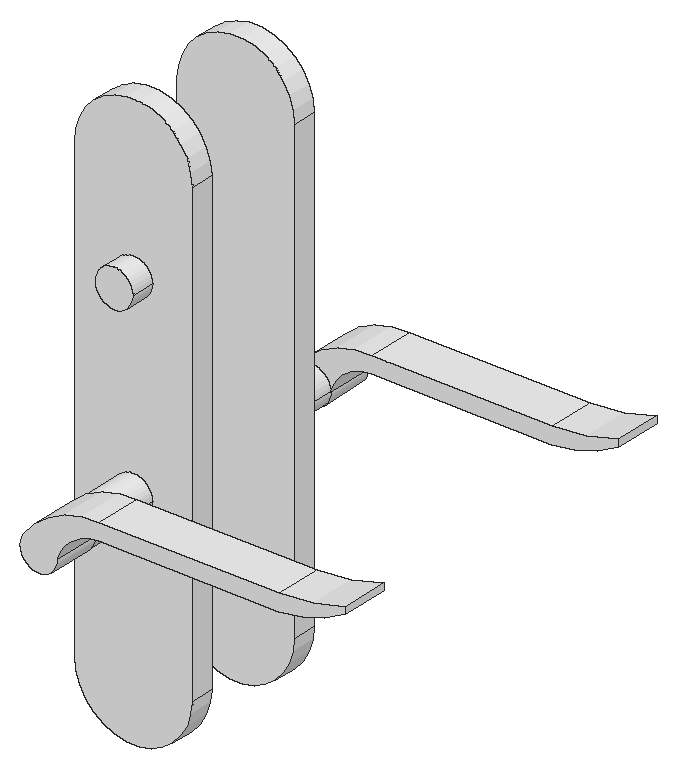
Revit family "209a43014fc34668b17489cb4d14840f", category Doors, Revit 2021
Family settings
  Work Plane-Based = No
  Always vertical = Yes
  Cut with Voids When Loaded = No
  Shared = No
  Room Calculation Point = No
Parameters (values of type "Standard")
  Thickness = 1 3/4"
  Handle Material = Aluminum
  Function = Interior
  Construction Type = ""
  Analytic Construction = "<None>"
Reference planes (in)
  plane 1 "Center (Front/Back)": y = 0
  plane 2: z = 0
  plane 3 "Center (Left/Right)": x = 0
  plane 4: y = 0.875
  plane 5: y = -0.875
  plane 6: z = -5.79187
  plane 7: y = 2.4498
  plane 8: z = 3.24803
  plane 9: y = -2.4498
  plane 10: z = -2.3622
Forms (in)
  Extrusion 1, solid, material "Aluminum" <- "Handle Material"
    sketch origin (0, -0.875, 0) x (-1, 0, 0) y (0, 0, -1)
      loop
        line (0.98425, -4.92126) -> (0.98425, 2.75591)
        arc (0.98425, 2.75591) -> (0, 3.74016) -> (-0.98425, 2.75591) r 0.98425
        line (-0.98425, 2.75591) -> (-0.98425, -4.92126)
        arc (-0.98425, -4.92126) -> (0, -5.90551) -> (0.98425, -4.92126) r 0.98425
    from 0 to 0.3937
  Extrusion 2, solid, material "Aluminum" <- "Handle Material"
    sketch origin (0, 0.875, 0) x (-1, 0, 0) y (0, 0, -1)
      loop
        line (0.98425, -4.92126) -> (0.98425, 2.75591)
        arc (0.98425, 2.75591) -> (0, 3.74016) -> (-0.98425, 2.75591) r 0.98425
        line (-0.98425, 2.75591) -> (-0.98425, -4.92126)
        arc (-0.98425, -4.92126) -> (0, -5.90551) -> (0.98425, -4.92126) r 0.98425
    from 0 to -0.3937
  Extrusion 3, solid, material "Aluminum" <- "Handle Material"
    sketch origin (0, -0.875, 0) x (-1, 0, 0) y (0, 0, -1)
      loop
        circle (0, 0) r 0.31496
    from 0.3937 to 1.5748
  Extrusion 4, solid, material "Aluminum" <- "Handle Material"
    sketch origin (0, 0.7874, 0) x (-1, 0, 0) y (0, 0, 1)
      loop
        circle (0, 0) r 0.31496
    from 0.4813 to 1.6624
  Extrusion 5, solid, material "Aluminum" <- "Handle Material"
    sketch origin (0, -2.4498, 0) x (1, 0, 0) y (0, 0, 1)
      loop
        arc (-0.25623, 0.18316) -> (-0.09617, -0.29992) -> (0.31496, 0) r 0.31496
        arc (0.31496, 0) -> (0.57211, 0.36971) -> (0.99946, 0.51181) r 0.71363
        line (0.99946, 0.51181) -> (4.00172, 0.51181)
        arc (4.00172, 0.51181) -> (4.58305, 0.62197) -> (5.11811, 0.87455) r 2.33776
        line (5.11811, 0.87455) -> (5.11811, 0.98425)
        arc (5.11811, 0.98425) -> (4.56848, 0.83722) -> (4.00172, 0.7874) r 3.27894
        line (4.00172, 0.7874) -> (0.99872, 0.7874)
        arc (0.99872, 0.7874) -> (0.29501, 0.64361) -> (-0.25623, 0.18316) r 1.46784
    from 0 to 0.7874
  Extrusion 6, solid, material "Aluminum" <- "Handle Material"
    sketch origin (0, 2.4498, 0) x (1, 0, 0) y (0, 0, -1)
      loop
        arc (0.31496, 0) -> (-0.09617, 0.29992) -> (-0.25623, -0.18316) r 0.31496
        arc (-0.25623, -0.18316) -> (0.29501, -0.64361) -> (0.99872, -0.7874) r 1.46784
        line (0.99872, -0.7874) -> (4.00172, -0.7874)
        arc (4.00172, -0.7874) -> (4.56848, -0.83722) -> (5.11811, -0.98425) r 3.27894
        line (5.11811, -0.98425) -> (5.11811, -0.87455)
        arc (5.11811, -0.87455) -> (4.58305, -0.62197) -> (4.00172, -0.51181) r 2.33776
        line (4.00172, -0.51181) -> (0.99946, -0.51181)
        arc (0.99946, -0.51181) -> (0.57211, -0.36971) -> (0.31496, 0) r 0.71363
    from 0 to 0.7874
  Extrusion 7, solid, material "Aluminum" <- "Handle Material"
    sketch origin (0, -1.2687, 0.3937) x (-1, 0, 0) y (0, 0, -1)
      loop
        circle (0, -2.85433) r 0.31496
    from 0 to 0.3937
  Extrusion 8, solid, material "Aluminum" <- "Handle Material"
    sketch origin (0, 1.2687, 5.61024) x (-1, 0, 0) y (0, 0, 1)
      loop
        line (-0.19685, -1.77165) -> (-0.19685, -2.95276) -> (0.19685, -2.95276) -> (0.19685, -1.77165) -> (-0.19685, -1.77165)
    from 0 to 0.3937
Dimensions and locks (in)
  equal spacing: plane 5, plane 1 "Center (Front/Back)", plane 4
  "Thickness": plane 5 to plane 4
  locked: plane 4 to plane 7 at 1.5748
  locked: plane 9 to plane 5 at 1.5748
  locked: Extrusion 6 to plane 7 at 0.7874
  locked: plane 9 to Extrusion 5 at 0.7874
  locked: plane 2 to plane 10 at 2.3622
  aligned and locked: Extrusion 3 to Extrusion 1
  aligned and locked: Extrusion 4 to Extrusion 2
  aligned and locked: plane 7 to Extrusion 6
  aligned and locked: Extrusion 4 to plane 7
  aligned and locked: plane 9 to Extrusion 5
  aligned and locked: Extrusion 1 sketch curve to Extrusion 2
Automatic sketch dimensions
  Extrusion 3 sketch curve to level = 0"
  Extrusion 3 sketch curve to plane 3 "Center (Left/Right)" = 0"
  Extrusion 4 sketch curve to level = 0"
  Extrusion 4 sketch curve to plane 3 "Center (Left/Right)" = 0"
  Extrusion 5 sketch curve to level = 0"  (x2)
  Extrusion 5 sketch curve to plane 3 "Center (Left/Right)" = 0"
  Extrusion 5 sketch curve to plane 3 "Center (Left/Right)" = 0.25623"
  plane 3 "Center (Left/Right)" to Extrusion 5 sketch curve = 0.31496"
  Extrusion 5 sketch curve to level = 0.67892"
  Extrusion 5 sketch curve to Extrusion 5 sketch curve = 0.61683"
  level to Extrusion 5 sketch curve = 0.7874"
  Extrusion 5 sketch curve to Extrusion 5 sketch curve = 0.00074"
  Extrusion 5 sketch curve to Extrusion 5 sketch curve = 1.11639"
  Extrusion 5 sketch curve to Extrusion 5 sketch curve = 0"
  Extrusion 5 sketch curve to level = 0.20182"
  level to Extrusion 5 sketch curve = 0.87455"
  Extrusion 5 sketch curve to Extrusion 5 sketch curve = 0.1097"
  Extrusion 5 sketch curve to Extrusion 5 sketch curve = 2.86193"
  Extrusion 5 sketch curve to Extrusion 5 sketch curve = 0.13846"
  Extrusion 5 sketch curve to Extrusion 5 sketch curve = 0.14107"
  Extrusion 6 sketch curve to level = 0"
  Extrusion 6 sketch curve to plane 3 "Center (Left/Right)" = 0"
  level to Extrusion 6 sketch curve = 0.18316"
  Extrusion 6 sketch curve to plane 3 "Center (Left/Right)" = 0.25623"
  Extrusion 6 sketch curve to level = 0.67892"
  Extrusion 6 sketch curve to Extrusion 6 sketch curve = 0.61683"
  Extrusion 6 sketch curve to Extrusion 6 sketch curve = 0.00074"
  Extrusion 6 sketch curve to level = 0.20182"
  Extrusion 6 sketch curve to Extrusion 6 sketch curve = 0.06766"
  Extrusion 6 sketch curve to Extrusion 6 sketch curve = 2.86193"
  Extrusion 6 sketch curve to Extrusion 6 sketch curve = 0.13846"
  Extrusion 6 sketch curve to Extrusion 6 sketch curve = 0.14107"
  Extrusion 6 sketch curve to Extrusion 6 sketch curve = 0"
  level to Extrusion 6 sketch curve = 0.87455"
  Extrusion 6 sketch curve to Extrusion 6 sketch curve = 1.11639"
  Extrusion 6 sketch curve to Extrusion 6 sketch curve = 0.1097"
  level to Extrusion 1 sketch curve = 2.75591"
  Extrusion 2 sketch curve to level = 4.92126"
  Extrusion 2 sketch curve to plane 3 "Center (Left/Right)" = 0"
  Extrusion 2 sketch curve to plane 3 "Center (Left/Right)" = 0.98425"
  level to Extrusion 2 sketch curve = 2.75591"
  Extrusion 7 sketch curve to Extrusion 1 = 0.98425"
  Extrusion 8 sketch curve to Extrusion 2 = 0.7874"
  Extrusion 8 sketch curve to Extrusion 8 sketch curve = 0.3937"
  Extrusion 8 sketch curve to Extrusion 8 sketch curve = 1.1811"
  radius of Extrusion 3 sketch curve = 0.31496"
  radius of Extrusion 4 sketch curve = 0.31496"
  radius of Extrusion 7 sketch curve = 0.31496"
